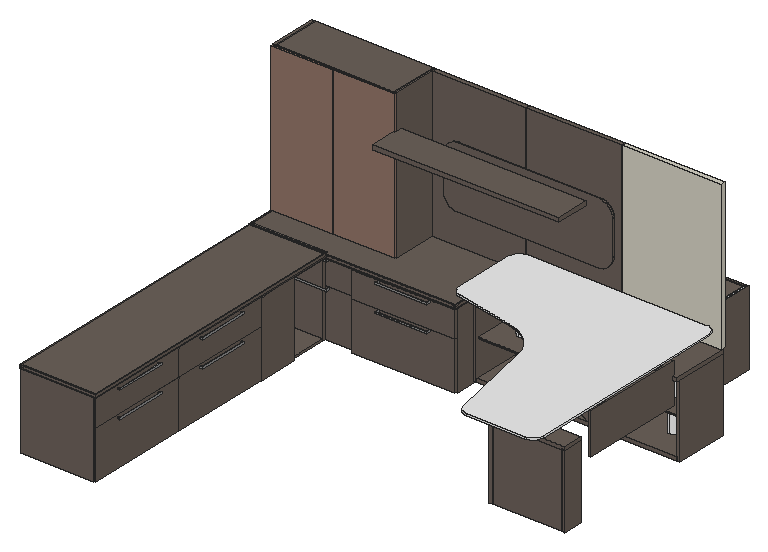
Revit family "OFS TYPICAL T100290", category Furniture, Revit 2022
Family settings
  OmniClass Number = 23.40.20.00
  OmniClass Title = General Furniture and Specialties
  Work Plane-Based = No
  Always vertical = Yes
  Cut with Voids When Loaded = No
  Render Appearance Source = Family Geometry
  Shared = No
  Room Calculation Point = No
Parameters (values of type "T100290")
  URL = "http://ofs.com/"
  Model = "T100290\r\nT100290\r\nT100290"
  Manufacturer = "OFS"
  Description = "OFS TYPICAL T100290"
  Default Elevation = 0' - 0"
  Copyright © = "©OFS 2024"
  Catalog = ""
  Authoring Version = "Autodesk Revit 2018"
  Assembly Code = "E2020200"
Reference planes (in)
  plane 1 "Center Front/Back": y = 0
  plane 2: z = 0
  plane 3 "Center Left/Right": x = 0
Dimensions and locks (in)
  nested 2 to nested 3 = 10' - 0"
  nested 6 to plane 1 "Center Front/Back" = 8' - 10"
  aligned and locked: level to plane 2
Nested families (in)
  nested 1: "STAKS SUPPORT BASE - PANEL - WALL PANEL" at (-48, -23.50035, 0), type "STAKS SUPPORT PANEL 21 X 12"
  nested 2: "STAKS WORKSURFACE CABINET WITH DOORS Two Doors - Tall" at (-69.05498, 1.08365, -5.25), type "STAKS WORKSURFACE CABINET WITH DOORS Two Doors 36in W - Tall"
    with Height Above Floor 5' - 11 1/2", 2D Symbol Lines yes
  nested 3: "OFS STAKS HEIGHT ADJUSTABLE SWEEP TOP DESK 68x60 Top 16D Cabinet" at (30, -11, 0), type "HA Sweep Top Desk 68x60 Right w 16 D Cabinet"
    with Worksurface Height 2' - 3", Right Column no, Right 4H4 yes, Leg Caps Material OFS STAKS Leg Caps Material, Left Column no, Left 4H4 no, H4H Height Adjustable Panel Base Option yes, Columns Finish OFS STAKS Columns Material, Chassis Finish OFS STAKS Drawer Front Material
  nested 4: "STAKS MODESTY PANEL - Veneer _ Wood Grain _ Frosted" at (56.87465, -34.38315, -0.375) x (0, -1, 0) z (0, 0, 1), type "STAKS MODESTY PANEL TFL WOOD GRAIN AND TFL SOLID COLORS 29.938-12"
  nested 5: "STAKS BENCHING RECTANGULAR WORKSURFACES" at (-67.55498, 0.83365, -5.75), type "STAKS BENCHING RECTANGULAR WORKSURFACE 60 X 22"
  nested 6: "STAKS BENCHING RECTANGULAR WORKSURFACES" at (-61.83365, -113.55498, -5.75) x (0, 1, 0) z (0, 0, 1), type "STAKS BENCHING RECTANGULAR WORKSURFACE 84 X 22"
  nested 7: "STAKS LOW HEIGHT OPEN PEDESTAL WITH SLIDING DOOR - NO RISER SUPPORT" at (-37.37465, -54.97711, 0) x (0, 1, 0) z (0, 0, 1), type "STAKS LOW HEIGHT OPEN PEDESTAL WITH SLIDING DOOR - NO RISER SUPPORT 24 x 19"
  nested 8: "STAKS LOW HEIGHT PEDESTAL WIDE - BOX-FILE - NO RISER SUPPORT" at (-39.87465, -81.97711, 0) x (0, 1, 0) z (0, 0, 1), type "STAKS LOW HEIGHT PEDESTAL WIDE - BOX-FILE - NO RISER SUPPORT 30in W x 22in D"
  nested 9: "STAKS LOW HEIGHT PEDESTAL WIDE - BOX-FILE - NO RISER SUPPORT" at (6.02289, 7.15468, 0), type "STAKS LOW HEIGHT PEDESTAL WIDE - BOX-FILE - NO RISER SUPPORT 36in W x 22in D"
  nested 10: "STAKS FABRIC TACKBOARD WITH ROUNDED CORNERS FOR SPINE OR DIVIDER WALL" at (-27.74248, 0.45865, 9), type "STAKS FABRIC TACKBOARD WITH ROUNDED CORNERS FOR SPINE OR DIVIDER WALL 18H x 49-73.9375W"
    with Height Above Floor 3' - 5 1/2"
  nested 11: "STAKS LOW HEIGHT PEDESTAL WIDE - BOX-FILE - NO RISER SUPPORT" at (-39.87465, -70.02289, 0) x (0, -1, 0) z (0, 0, 1), type "STAKS LOW HEIGHT PEDESTAL WIDE - BOX-FILE - NO RISER SUPPORT 30in W x 22in D"
  nested 12: "STAKS LOW HEIGHT PEDESTAL WIDE - BOX-FILE - NO RISER SUPPORT" at (5.97711, -21.12535, 0) x (-1, 0, 0) z (0, 0, 1), type "STAKS LOW HEIGHT PEDESTAL WIDE - BOX-FILE - NO RISER SUPPORT 30in W x 22in D"
  nested 13: "STAKS LOW HEIGHT PEDESTAL WIDE - BOX-FILE - NO RISER SUPPORT" at (-65.97711, -20.12535, 0), type "STAKS LOW HEIGHT PEDESTAL WIDE - BOX-FILE - NO RISER SUPPORT 30in W x 22in D"
  nested 14: "STAKS SUPPORT BASE - PANEL - WALL PANEL" at (-48, -44.24965, 0), type "STAKS SUPPORT PANEL 21 X 12"
  nested 15: "OFS STAKS Desk Height Media Panels - Laminate-Veneer" at (-10.426, 0, -5.875), type "Desk Height Media Panel 43H"
    with Width 2' - 3.14801", Total Width 2' - 3.14801", Plus Fraction 0' - 0"
  nested 16: "OFS STAKS Desk Height Media Panels - Laminate-Veneer" at (17.04275, 0, -5.875) x (-1, 0, 0) z (0, 0, 1), type "Desk Height Media Panel 43H"
    with Width 2' - 3.78949", Total Width 2' - 3.78949", Plus Fraction 0' - 0"
  nested 17: "OFS STAKS Desk Height Media Panels - Upholstered" at (45.46913, 0, -5.875), type "Desk Height Media Panel 43H"
    with Width 2' - 5.06174", Total Width 2' - 5.06174", Plus Fraction 0' - 0"
  nested 18: "STAKS TRANSACTION SHELF" at (19.5, -15.87535, 7.75), type "STAKS TRANSACTION SHELF 54in"
Definition of nested family "STAKS SUPPORT BASE - PANEL - WALL PANEL"
  Parameters (values of type "STAKS SUPPORT BASE 21 X 12")
    Width [instance] = 1' - 0"
    WALL SUPPORT = no
    URL = "http://www.ofs.com"
    SUPPORT PANEL = no
    SUPPORT BASE = yes
    Model = "6-2112SB"
    Manufacturer = "OFS"
    Height = 1' - 9 7/8"
    Description = "OFS STAKS SUPPORT BASE 21 X12, Base Supports 22\"D Worksurfaces"
    Depth = 1' - 0"
    Default Elevation = 0' - 0"
    Copyright © = "©OFS 2018"
    Catalog = "https://ofs.com/products/casegoods/private-office/staks"
    Authoring Version = "Autodesk Revit Architecture 2013"
    Assembly Code = "E2020200"
  Types (7): name | WALL SUPPORT | SUPPORT PANEL | SUPPORT BASE | Model | Height | Description | Depth
    STAKS SUPPORT PANEL 28 X 12 | no | yes | no | "6-2812SP" | 2' - 3 7/8" | "OFS STAKS SUPPORT PANEL 28 X 12, End Panel Supports 22\"D Worksurfaces" | 1' - 0"
    STAKS SUPPORT BASE 28 X 12 | no | no | yes | "6-2812SB" | 2' - 3 7/8" | "OFS STAKS SUPPORT BASE 28 X12, Base Supports 22\"D Worksurfaces" | 1' - 0"
    STAKS SUPPORT WALL PANEL 28 X 12 | yes | no | no | "6-2812SWPS" | 2' - 3 3/8" | "OFS STAKS SUPPORT WALL PANEL 28 X12, Provides Support for Worksurface in Conjunction with Cantilevers and Stabilizes Wall Panels" | 1' - 0"
    STAKS SUPPORT BASE 21 X 12 | no | no | yes | "6-2112SB" | 1' - 9 7/8" | "OFS STAKS SUPPORT BASE 21 X12, Base Supports 22\"D Worksurfaces" | 1' - 0"
    STAKS SUPPORT BASE 28 X 18 | no | no | yes | "6-2818SB" | 2' - 3 7/8" | "OFS STAKS SUPPORT BASE 28 X18, Base Supports 30\"D Worksurfaces" | 1' - 6"
    STAKS SUPPORT PANEL 21 X 12 | no | yes | no | "6-2112SP" | 1' - 9 7/8" | "OFS STAKS SUPPORT PANEL 21 X 12, End Panel Supports 22\"D Worksurfaces" | 1' - 0"
    STAKS SUPPORT PANEL 28 X 18 | no | yes | no | "6-2818SP" | 2' - 3 7/8" | "OFS STAKS SUPPORT PANEL 28 X 18, End Panel Supports 30\"D Worksurfaces" | 1' - 6"
  Reference planes (in)
    plane 1: z = 0
    plane 2 "Left": x = -12
    plane 3 "Back": y = 1.62535
    plane 4 "PANELL TOP": z = 21.875
    plane 5 "RIGHT": x = -11
    plane 6: y = -10.37465
    plane 7: y = 0.62535
    plane 8: x = -5.5
    plane 9: x = -17.5
  Forms (in)
    Extrusion 1, solid, visible <- "SUPPORT PANEL"
      sketch origin (-7.62535, -10.37465, -0.18015) x (1, 0, 0) y (0, 0, 1)
        loop
          line (-4.37465, 22.05515) -> (-4.37465, 0.18015) -> (-3.37465, 0.18015) -> (-3.37465, 22.05515) -> (-4.37465, 22.05515)
      from -12 to 0
    Extrusion 2, solid, visible <- "SUPPORT BASE"
      sketch origin (-5.5, 5, -0.18015) x (0, 1, 0) y (0, 0, 1)
        loop
          line (-4.37465, 22.05515) -> (-4.37465, 0.18015) -> (-3.37465, 0.18015) -> (-3.37465, 22.05515) -> (-4.37465, 22.05515)
      from -12 to 0
    Extrusion 3, solid, visible <- "SUPPORT BASE"
      sketch origin (3.37465, -10.37465, -0.18015) x (1, 0, 0) y (0, 0, 1)
        loop
          line (-15.37465, 22.05515) -> (-15.37465, 0.18015) -> (-14.37465, 0.18015) -> (-14.37465, 22.05515) -> (-15.37465, 22.05515)
      from -11 to 0
    Extrusion 4, solid, visible <- "WALL SUPPORT"
      sketch origin (-12, 0, 0) x (0, 1, 0) y (0, 0, 1)
        loop
          line (1.62535, 0) -> (1.62535, 20.375) -> (0.12535, 21.875) -> (-0.37465, 21.875) -> (-0.37465, 19.285) -> (-3.43765, 19.285) -> (-3.43765, 21.875) -> (-10.37465, 21.875) -> (-4.43765, 0) -> (1.62535, 0)
      from 0 to 1
  Lines and regions (in)
    Masking region 1, visible <- "SUPPORT PANEL"
      outline origin (-12.62535, -10.37465, 0) x (0, -1, 0) y (1, 0, 0)
        loop
          line (-12, 1.62535) -> (-12, 0.62535) -> (0, 0.62535) -> (0, 1.62535) -> (-12, 1.62535)
    Masking region 2, visible <- "SUPPORT BASE"
      outline origin (-5.5, 0, 0) x (1, 0, 0) y (0, 1, 0)
        loop
          line (-12, 1.62535) -> (-12, 0.62535) -> (0, 0.62535) -> (0, 1.62535) -> (-12, 1.62535)
    Masking region 3, visible <- "SUPPORT BASE"
      outline origin (-1.62535, -10.37465, 0) x (0, -1, 0) y (1, 0, 0)
        loop
          line (-11, -9.37465) -> (-11, -10.37465) -> (0, -10.37465) -> (0, -9.37465) -> (-11, -9.37465)
    Masking region 4, visible <- "WALL SUPPORT"
      outline origin (0, 0, 0) x (1, 0, 0) y (0, 1, 0)
        loop
          line (-11, 1.62535) -> (-12, 1.62535) -> (-12, -10.37465) -> (-11, -10.37465) -> (-11, 1.62535)
  Dimensions and locks (in)
    "Height": plane 4 "PANELL TOP" to plane 1
    locked: plane 2 "Left" to plane 5 "RIGHT" at 1
    "Depth": plane 6 to plane 3 "Back"
    locked: plane 7 to plane 3 "Back" at 1
    locked: plane 9 to plane 2 "Left" at 5.5
    locked: plane 5 "RIGHT" to plane 8 at 5.5
    "Width": plane 9 to plane 8
    aligned: Extrusion 1 to plane 2 "Left"
    aligned: Extrusion 1 to plane 1
    aligned and locked: level to plane 1
    aligned: Extrusion 1 to plane 4 "PANELL TOP"
    aligned: Extrusion 1 to plane 3 "Back"
    aligned and locked: plane 6 to Extrusion 1
    aligned and locked: plane 6 to Masking region 1
    aligned and locked: Extrusion 3 to plane 7
    aligned and locked: Masking region 3 to plane 7
    aligned and locked: plane 6 to Extrusion 3
    aligned and locked: plane 6 to Masking region 3
    aligned and locked: Extrusion 1 to plane 6  (x2)
    aligned and locked: plane 7 to Extrusion 2
    aligned and locked: plane 7 to Masking region 2
    aligned and locked: Masking region 2 to plane 3 "Back"
    aligned and locked: Extrusion 2 to plane 3 "Back"
    aligned and locked: Extrusion 1 to plane 3 "Back"
    aligned and locked: Masking region 1 to plane 3 "Back"
    aligned and locked: Extrusion 1 to plane 2 "Left"
    aligned and locked: plane 5 "RIGHT" to Extrusion 1
    aligned and locked: plane 8 to Masking region 2
    aligned and locked: plane 8 to Extrusion 2
    aligned and locked: Extrusion 2 to plane 9
    aligned and locked: Masking region 2 to plane 9
    aligned and locked: Extrusion 3 to plane 2 "Left"
    aligned and locked: plane 5 "RIGHT" to Extrusion 3
    aligned and locked: Masking region 3 to plane 2 "Left"
    aligned and locked: plane 5 "RIGHT" to Masking region 3
    aligned and locked: Extrusion 3 to plane 4 "PANELL TOP"
    aligned and locked: Extrusion 1 to plane 4 "PANELL TOP"
    aligned and locked: plane 4 "PANELL TOP" to Extrusion 2
    aligned and locked: plane 4 "PANELL TOP" to Extrusion 4 sketch curve
    aligned and locked: Extrusion 4 sketch curve to plane 4 "PANELL TOP"
    aligned and locked: Extrusion 4 sketch curve to plane 3 "Back"
    aligned and locked: Extrusion 4 sketch curve to plane 1
    aligned and locked: Extrusion 4 to plane 2 "Left"
    aligned and locked: plane 5 "RIGHT" to Extrusion 4
  Automatic sketch dimensions
    Extrusion 1 sketch curve to plane 2 "Left" = 0' - 0"
    Extrusion 1 sketch curve to level = 0' - 0"
    Extrusion 1 sketch curve to plane 5 "RIGHT" = 0' - 0"
    Extrusion 1 sketch curve to plane 4 "PANELL TOP" = 0' - 0"
    Masking region 1 sketch curve to plane 2 "Left" = 0' - 0"
    plane 3 "Back" to Masking region 1 sketch curve = 0' - 0"
    Masking region 1 sketch curve to plane 5 "RIGHT" = 0' - 0"
    plane 6 to Masking region 1 sketch curve = 0' - 0"
    Extrusion 2 sketch curve to plane 4 "PANELL TOP" = 0' - 0"
    Extrusion 2 sketch curve to plane 7 = 0' - 0"
    Extrusion 2 sketch curve to level = 0' - 0"
    Extrusion 2 sketch curve to plane 3 "Back" = 0' - 0"
    plane 7 to Masking region 2 sketch curve = 0' - 0"
    Masking region 2 sketch curve to plane 9 = 0' - 0"
    plane 3 "Back" to Masking region 2 sketch curve = 0' - 0"
    Masking region 2 sketch curve to plane 8 = 0' - 0"
    Extrusion 3 sketch curve to plane 2 "Left" = 0' - 0"
    Extrusion 3 sketch curve to level = 0' - 0"
    Extrusion 3 sketch curve to plane 5 "RIGHT" = 0' - 0"
    Extrusion 3 sketch curve to plane 4 "PANELL TOP" = 0' - 0"
    Masking region 3 sketch curve to plane 2 "Left" = 0' - 0"
    plane 7 to Masking region 3 sketch curve = 0' - 0"
    Masking region 3 sketch curve to plane 5 "RIGHT" = 0' - 0"
    plane 6 to Masking region 3 sketch curve = 0' - 0"
    Extrusion 4 sketch curve to plane 6 = 0' - 0"
    plane 7 to Extrusion 4 sketch curve = 0' - 1"
    Extrusion 4 sketch curve to plane 4 "PANELL TOP" = 0' - 2.59"
    plane 7 to Extrusion 4 sketch curve = 0' - 5.063"
    Extrusion 4 sketch curve to Extrusion 4 sketch curve = 0' - 3.063"
    Extrusion 4 sketch curve to Extrusion 4 sketch curve = 0' - 0 1/2"
    Extrusion 4 sketch curve to plane 4 "PANELL TOP" = 0' - 1 1/2"
    Masking region 4 sketch curve to plane 2 "Left" = 0' - 0"
    Masking region 4 sketch curve to plane 5 "RIGHT" = 0' - 0"
    plane 6 to Masking region 4 sketch curve = 0' - 0"
    plane 3 "Back" to Masking region 4 sketch curve = 0' - 0"
Definition of nested family "STAKS WORKSURFACE CABINET WITH DOORS Two Doors - Tall"
  Parameters (values of type "STAKS WORKSURFACE CABINET WITH DOORS Two Doors 30in W - Tall")
    URL = "http://www.ofs.com/"
    Height Above Floor [instance] = 5' - 11 1/2"
    Height = 3' - 7"
    Front Doors Material = none
    Default Elevation = 0' - 0"
    Back Material = none
    Depth = 1' - 3"
    Model = "6-3043WSC"
    Manufacturer = "OFS"
    Description = "OFS STAKS WORKSURFACE CABINET WITH DOORS Two Hinged Doors 30\" Width, 43\" Height, One Door per Side"
    Width = 2' - 6"
    Copyright © = "© 2018 OFS"
    Catalog = "https://ofs.com/products/casegoods/private-office/staks"
    Board Material = none
    Board Thickness = 0' - 0 3/4"
    Authoring Version = "Autodesk Revit Architecture 2013"
    Assembly Code = "E2020200"
    2D Symbol Lines [instance] = yes
  Types (2): name | Model | Description | Width
    STAKS WORKSURFACE CABINET WITH DOORS Two Doors 36in W - Tall | "6-3643WSC" | "OFS STAKS WORKSURFACE CABINET WITH DOORS Two Hinged Doors 36\" Width, 43\" Height, One Door per Side" | 3' - 0"
    STAKS WORKSURFACE CABINET WITH DOORS Two Doors 30in W - Tall | "6-3043WSC" | "OFS STAKS WORKSURFACE CABINET WITH DOORS Two Hinged Doors 30\" Width, 43\" Height, One Door per Side" | 2' - 6"
  Reference planes (in)
    plane 1: z = -0.125
    plane 2 "LEFT": x = 12.05498
    plane 3 "RIGHT": x = 42.05498
    plane 4 "BACK": y = -1.83365
    plane 5 "FRONT": y = -15.33365
    plane 6: x = 12.80498
    plane 7: x = 41.30498
    plane 8: z = 28.375
    plane 9 "SURFACE TOP": z = 71.375
    plane 10: z = 29.125
    plane 11: x = 27.05498
    plane 12: z = 70.625
    plane 13: y = -8.58365
    plane 14: y = -8.20865
    plane 15: y = -8.95865
    plane 16: x = 27.42998
    plane 17: x = 26.67998
    plane 18: y = -1.08365
    plane 19: y = -16.08365
    plane 20: x = 41.99248
    plane 21: x = 12.11748
    plane 22: x = 27.08623
    plane 23: x = 27.02373
    plane 24: z = 28.625
    plane 25: z = 71.3125
  Forms (in)
    Extrusion 1, solid, material <- "Board Material"
      sketch origin (0, 0, 71.375) x (0, 1, 0) y (-1, 0, 0)
        loop
          line (-1.83365, -12.80498) -> (-15.33365, -12.80498) -> (-15.33365, -41.30498) -> (-1.83365, -41.30498) -> (-1.83365, -12.80498)
      from -42.25 to -43
    Extrusion 2, solid, material <- "Board Material"
      sketch origin (0, 0, 71.375) x (0, 1, 0) y (-1, 0, 0)
        loop
          line (-1.08365, -12.80498) -> (-1.08365, -12.05498) -> (-15.33365, -12.05498) -> (-15.33365, -12.80498) -> (-1.08365, -12.80498)
        loop
          line (-1.08365, -42.05498) -> (-1.08365, -41.30498) -> (-15.33365, -41.30498) -> (-15.33365, -42.05498) -> (-1.08365, -42.05498)
      from 0 to -43
    Extrusion 3, solid, material <- "Board Material"
      sketch origin (0, 0, 27.375) x (0, 1, 0) y (-1, 0, 0)
        loop
          line (-1.08365, -12.80498) -> (-15.33365, -12.80498) -> (-15.33365, -41.30498) -> (-1.08365, -41.30498) -> (-1.08365, -12.80498)
      from 44 to 43.25
    Extrusion 4, solid, material <- "Back Material"
      sketch origin (30.99601, 21.63396, 71.375) x (0, 1, 0) y (-1, 0, 0)
        loop
          line (-22.71762, 18.19103) -> (-23.46762, 18.19103) -> (-23.46762, -10.30897) -> (-22.71762, -10.30897) -> (-22.71762, 18.19103)
      from -0.75 to -43
    Extrusion 5, solid, material <- "Front Doors Material"
      sketch origin (15.4691, -10.89295, 71.375) x (0, 1, 0) y (-1, 0, 0)
        loop
          line (-4.4407, -11.61714) -> (-5.1907, -11.61714) -> (-5.1907, -26.52339) -> (-4.4407, -26.52339) -> (-4.4407, -11.61714)
      from -0.0625 to -42.75
    Extrusion 6, solid, material <- "Front Doors Material"
      sketch origin (38.64087, -10.89295, 71.375) x (0, 1, 0) y (-1, 0, 0)
        loop
          line (-4.4407, 11.61714) -> (-4.4407, 26.52339) -> (-5.1907, 26.52339) -> (-5.1907, 11.61714) -> (-4.4407, 11.61714)
      from -0.0625 to -42.75
  Lines and regions (in)
    symbolic lines, visible <- "2D Symbol Lines"
      curve 1: arc (27.50365, -16.08365, 71.375) -> (27.71823, -18.56803, 71.375) -> (28.35563, -20.97882, 71.375) r 14.48883
      curve 2: line (28.35563, -20.97882, 71.375) -> (41.99248, -16.08365, 71.375)
      curve 3: arc (26.60632, -16.08365, 71.375) -> (26.39173, -18.56803, 71.375) -> (25.75433, -20.97882, 71.375) r 14.48883
      curve 4: line (25.75433, -20.97882, 71.375) -> (12.11748, -16.08365, 71.375)
  Dimensions and locks (in)
    "Width": plane 2 "LEFT" to plane 3 "RIGHT"
    "Height": plane 9 "SURFACE TOP" to plane 8
    "Board Thickness": plane 2 "LEFT" to plane 6
    "Board Thickness": plane 7 to plane 3 "RIGHT"
    "Height Above Floor": plane 9 "SURFACE TOP" to level
    "Board Thickness": plane 10 to plane 8
    equal spacing: plane 2 "LEFT", plane 11, plane 3 "RIGHT"
    "Board Thickness": plane 9 "SURFACE TOP" to plane 12
    equal spacing: plane 4 "BACK", plane 13, plane 5 "FRONT"
    equal spacing: plane 14, plane 13, plane 15
    "Board Thickness": plane 14 to plane 15
    equal spacing: plane 17, plane 11, plane 16
    "Board Thickness": plane 17 to plane 16
    "Depth": plane 18 to plane 19
    "Board Thickness": plane 18 to plane 4 "BACK"
    "Board Thickness": plane 5 "FRONT" to plane 19
    locked: plane 20 to plane 3 "RIGHT" at 0.0625
    locked: plane 2 "LEFT" to plane 21 at 0.0625
    plane 23 to plane 11 to plane 22 = 0' - 0 1/32" locked, 0' - 0 1/32" locked
    locked: plane 24 to plane 8 at 0.25
    locked: plane 9 "SURFACE TOP" to plane 25 at 0.0625
    aligned: level to plane 1
    aligned and locked: Extrusion 1 sketch curve to plane 4 "BACK"
    aligned and locked: plane 6 to Extrusion 1 sketch curve
    aligned and locked: plane 5 "FRONT" to Extrusion 1 sketch curve
    aligned and locked: Extrusion 1 sketch curve to plane 7
    aligned and locked: Extrusion 1 to plane 8
    aligned and locked: plane 10 to Extrusion 1
    aligned and locked: Extrusion 2 sketch curve to Extrusion 1  (x2)
    aligned and locked: Extrusion 2 sketch curve to plane 5 "FRONT"
    aligned and locked: Extrusion 2 sketch curve to plane 2 "LEFT"
    aligned and locked: plane 3 "RIGHT" to Extrusion 2 sketch curve
    aligned and locked: Extrusion 1 to Extrusion 2 sketch curve
    aligned and locked: plane 9 "SURFACE TOP" to Extrusion 3
    aligned and locked: Extrusion 3 to plane 12
    aligned and locked: Extrusion 3 to plane 5 "FRONT"
    aligned and locked: Extrusion 3 to plane 6
    aligned and locked: plane 7 to Extrusion 3
    aligned and locked: Extrusion 4 to plane 4 "BACK"
    aligned and locked: plane 18 to Extrusion 4
    aligned and locked: plane 5 "FRONT" to Extrusion 5
    aligned and locked: Extrusion 5 to plane 19
    aligned and locked: Extrusion 5 to plane 22
    aligned and locked: plane 5 "FRONT" to Extrusion 6
    aligned and locked: Extrusion 6 to plane 19
    aligned and locked: Extrusion 6 to plane 23
    aligned and locked: Extrusion 2 to plane 18  (x2)
    aligned and locked: Extrusion 3 to plane 18
    aligned and locked: plane 12 to Extrusion 4
    aligned and locked: Extrusion 6 to plane 24
    aligned and locked: Extrusion 5 to plane 24
    aligned and locked: Extrusion 4 to plane 6
    aligned and locked: plane 7 to Extrusion 4
    aligned and locked: Extrusion 4 to plane 8
    aligned and locked: Extrusion 6 to plane 21
    aligned and locked: plane 20 to Extrusion 5
    aligned and locked: plane 25 to Extrusion 6
    aligned and locked: plane 25 to Extrusion 5
    aligned and locked: Extrusion 2 to plane 8
  Automatic sketch dimensions
    Extrusion 3 sketch curve to plane 5 "FRONT" = 0' - 0"
    plane 4 "BACK" to Extrusion 3 sketch curve = 0' - 0 3/4"
    Extrusion 3 sketch curve to plane 7 = 0' - 0"
    Extrusion 3 sketch curve to plane 6 = 0' - 0"
    plane 2 "LEFT" to Extrusion 4 sketch curve = 0' - 0 3/4"
    Extrusion 4 sketch curve to plane 4 "BACK" = 0' - 0"
    Extrusion 4 sketch curve to plane 18 = 0' - 0"
    Extrusion 4 sketch curve to plane 3 "RIGHT" = 0' - 0 3/4"
    Extrusion 5 sketch curve to plane 19 = 0' - 0"
    Extrusion 5 sketch curve to plane 5 "FRONT" = 0' - 0"
    Extrusion 5 sketch curve to plane 3 "RIGHT" = 0' - 0 1/16"
    Extrusion 5 sketch curve to plane 22 = 0' - 0"
    plane 16 to curve 2 = 0' - 0.92565"
    curve 2 to plane 19 = 0' - 4.89516"
    plane 17 to curve 4 = 0' - 0.92565"
    curve 3 to plane 19 = 0' - 0"
    curve 2 to plane 19 = 0' - 0"
    curve 1 to plane 19 = 0' - 0"
    curve 4 to plane 19 = 0' - 0"
    curve 2 to plane 20 = 0' - 0"
    curve 1 to plane 20 = 0' - 0"
    curve 3 to plane 21 = 0' - 0"
    curve 4 to plane 21 = 0' - 0"
    curve 4 to curve 2 = 0' - 0"
    plane 19 to Extrusion 6 sketch curve = 0' - 0"
    Extrusion 6 sketch curve to plane 5 "FRONT" = 0' - 0"
    Extrusion 6 sketch curve to plane 2 "LEFT" = 0' - 0 1/16"
    Extrusion 6 sketch curve to plane 23 = 0' - 0"
    plane 4 "BACK" to Extrusion 2 sketch curve = 0' - 0 3/4"  (x2)
Definition of nested family "OFS STAKS HEIGHT ADJUSTABLE SWEEP TOP DESK 68x60 Top 16D Cabinet"
  Parameters (values of type "HA Sweep Top Desk 68x60 Left w 16 D Cabinet")
    Worksurface Finish = none
    Width = 5' - 0"
    URL = "https://ofs.com/"
    Shelves Finish = none
    Right Column [instance] = and(Right, not(H4H Height Adjustable Panel Base Option))  # no
    Right 4H4 [instance] = and(Right, H4H Height Adjustable Panel Base Option)  # no
    Right = no
    Leg Caps Material [instance] = none
    Left Column [instance] = and(Left, not(H4H Height Adjustable Panel Base Option))  # no
    Left 4H4 [instance] = and(Left, H4H Height Adjustable Panel Base Option)  # yes
    Left = yes
    H4H Height Adjustable Panel Base Option [instance] = yes
    Depth = 5' - 8"
    Model = "6-6860HASWTLS"
    Manufacturer = "OFS"
    Height = 0' - 1 3/16"
    Description = "OFS STAKS HEIGHT ADJUSTABLE SWEEP TOP DESK Left Sided, 60\"W x 16.5\"D Low Height Cabinet, 66\"W x 58\"D Worksurface"
    Default Elevation = 0' - 0"
    Copyright © = "©OFS 2021"
    Columns Finish [instance] = none
    Chassis Finish [instance] = none
    Catalog = "https://ofs.com/products/casegoods/private-office/staks"
    Worksurface Height [instance] = 2' - 3"
    Cabinet Storage Approach = none
    Authoring Version = "Autodesk Revit Architecture 2015"
    Assembly Code = "E2020200"
  Types (3): name | Right 4H4 | Right | Left 4H4 | Left | Model | Description
    (no name) | no | no | yes | yes | "6-6860HASWTLS" | "OFS STAKS HEIGHT ADJUSTABLE SWEEP TOP DESK Left Sided, 60\"W x 16.5\"D Low Height Cabinet, 66\"W x 58\"D Worksurface"
    HA Sweep Top Desk 68x60 Left w 16 D Cabinet | no | no | yes | yes | "6-6860HASWTLS" | "OFS STAKS HEIGHT ADJUSTABLE SWEEP TOP DESK Left Sided, 60\"W x 16.5\"D Low Height Cabinet, 66\"W x 58\"D Worksurface"
    HA Sweep Top Desk 68x60 Right w 16 D Cabinet | yes | yes | no | no | "6-6860HASWTRS" | "OFS STAKS HEIGHT ADJUSTABLE SWEEP TOP DESK Right Sided, 60\"W x 16.5\"D Low Height Cabinet, 66\"W x 58\"D Worksurface"
  Reference planes (in)
    plane 1 "Back End": y = 10
    plane 2: z = 0
    plane 3 "Center Left/Right": x = 0
    plane 4 "Left End": x = -30
    plane 5 "Front End": y = -58
    plane 6 "Right End": x = 30
    plane 7 "Height Top": z = 28.1875
    plane 8: z = 27
    plane 9 "Center Front/Back": y = -24
    plane 10: z = 24.625
    plane 11: z = 22.25
    plane 12: z = 26.875
  Forms (in)
    Extrusion 1, solid, material <- "Columns Finish", visible <- "Right"
      sketch origin (-24, -22.75, 0) x (0, 1, 0) y (-1, 0, 0)
        loop
          circle (-21.4997, -43.08789) r 1.125
      from 24.625 to 26.875
    Extrusion 2, solid, material <- "Columns Finish", visible <- "Right"
      sketch origin (-24, -22.75, 0) x (0, 1, 0) y (-1, 0, 0)
        loop
          circle (-21.4997, -43.08789) r 1.25
      from 22.25 to 24.625
    Extrusion 3, solid, material <- "Columns Finish", visible <- "Right Column"
      sketch origin (-24, -22.75, 0) x (0, 1, 0) y (-1, 0, 0)
        loop
          circle (-21.4997, -43.08789) r 1.375
      from 0 to 22.25
    Extrusion 4, solid, material <- "Columns Finish"
      sketch origin (-24, -22.75, 0) x (0, 1, 0) y (-1, 0, 0)
        loop
          line (21, -44) -> (21, -50) -> (27, -50) -> (27, -44) -> (21, -44)
        loop
          line (21, -4) -> (27, -4) -> (27, 2) -> (21, 2) -> (21, -4)
      from 26.875 to 27
    Extrusion 5, solid, material <- "Columns Finish"
      sketch origin (-21.08789, 23.75266, 0) x (0, 1, 0) y (-1, 0, 0)
        loop
          circle (-21.4997, -43.08789) r 1.125
      from 24.625 to 26.875
    Extrusion 6, solid, material <- "Columns Finish"
      sketch origin (-21.08789, 23.75266, 0) x (0, 1, 0) y (-1, 0, 0)
        loop
          circle (-21.4997, -43.08789) r 1.25
      from 22.25 to 24.625
    Extrusion 7, solid, material <- "Columns Finish"
      sketch origin (-21.08789, 23.75266, 0) x (0, 1, 0) y (-1, 0, 0)
        loop
          circle (-21.4997, -43.08789) r 1.375
      from 2.375 to 22.25
    Extrusion 8, solid, material <- "Columns Finish"
      sketch origin (-53.08789, 23.75266, 0) x (0, 1, 0) y (-1, 0, 0)
        loop
          circle (-21.4997, -31.08789) r 1.125
      from 24.625 to 26.875
    Extrusion 9, solid, material <- "Columns Finish"
      sketch origin (-53.08789, 23.75266, 0) x (0, 1, 0) y (-1, 0, 0)
        loop
          circle (-21.4997, -31.08789) r 1.25
      from 22.25 to 24.625
    Extrusion 10, solid, material <- "Columns Finish"
      sketch origin (-53.08789, 23.75266, 0) x (0, 1, 0) y (-1, 0, 0)
        loop
          circle (-21.4997, -31.08789) r 1.375
      from 2.375 to 22.25
    Extrusion 11, solid, material <- "Columns Finish", visible <- "Right"
      sketch origin (-24, -22.75, 0) x (0, 1, 0) y (-1, 0, 0)
        loop
          line (-23.4997, -40.08789) -> (-23.4997, -46.08789) -> (-17.4997, -46.08789) -> (-17.4997, -40.08789) -> (-23.4997, -40.08789)
      from 26.875 to 27
    Extrusion 12, solid, material <- "Columns Finish", visible <- "Left"
      sketch origin (24, -22.75, 0) x (0, 1, 0) y (-1, 0, 0)
        loop
          circle (-21.4997, 43.08789) r 1.125
      from 24.625 to 26.875
    Extrusion 13, solid, material <- "Columns Finish", visible <- "Left"
      sketch origin (24, -22.75, 0) x (0, 1, 0) y (-1, 0, 0)
        loop
          circle (-21.4997, 43.08789) r 1.25
      from 22.25 to 24.625
    Extrusion 14, solid, material <- "Columns Finish", visible <- "Left Column"
      sketch origin (24, -22.75, 0) x (0, 1, 0) y (-1, 0, 0)
        loop
          circle (-21.4997, 43.08789) r 1.375
      from 0 to 22.25
    Extrusion 15, solid, material <- "Columns Finish", visible <- "Left"
      sketch origin (24, -22.75, 0) x (0, 1, 0) y (-1, 0, 0)
        loop
          line (-23.4997, 40.08789) -> (-17.4997, 40.08789) -> (-17.4997, 46.08789) -> (-23.4997, 46.08789) -> (-23.4997, 40.08789)
      from 26.875 to 27
  Dimensions and locks (in)
    "Height": plane 7 "Height Top" to plane 8
    "Worksurface Height": plane 8 to level
    "Depth": plane 5 "Front End" to plane 1 "Back End"
    equal spacing: plane 4 "Left End", plane 3 "Center Left/Right", plane 6 "Right End"
    "Width": plane 4 "Left End" to plane 6 "Right End"
    equal spacing: plane 5 "Front End", plane 9 "Center Front/Back", plane 1 "Back End"
    locked: plane 11 to level at 22.25
    equal spacing: plane 8, plane 10, plane 11
    locked: plane 8 to plane 12 at 0.125
    aligned and locked: level to plane 2
    aligned and locked: plane 7 "Height Top" to nested 3
    aligned and locked: plane 7 "Height Top" to nested 2
    aligned and locked: plane 8 to Extrusion 15
    aligned and locked: Extrusion 4 to plane 8
    aligned and locked: Extrusion 11 to plane 8
    aligned and locked: plane 12 to Extrusion 11
    aligned and locked: Extrusion 4 to plane 12
    aligned and locked: Extrusion 15 to plane 12
    aligned and locked: plane 12 to Extrusion 12
    aligned and locked: plane 12 to Extrusion 8
    aligned and locked: Extrusion 1 to plane 12
    aligned and locked: Extrusion 5 to plane 12
    aligned and locked: Extrusion 2 to plane 10
    aligned and locked: plane 10 to Extrusion 1
    aligned and locked: Extrusion 6 to plane 10
    aligned and locked: plane 10 to Extrusion 5
    aligned and locked: plane 10 to Extrusion 13
    aligned and locked: Extrusion 12 to plane 10
    aligned and locked: plane 10 to Extrusion 9
    aligned and locked: Extrusion 8 to plane 10
  Automatic sketch dimensions
    plane 5 "Front End" to Extrusion 1 sketch curve = 1' - 1.7503"
    plane 6 "Right End" to Extrusion 1 sketch curve = 0' - 10.91211"
    Extrusion 2 sketch curve to Extrusion 2 sketch curve = 0' - 0"  (x2)
    plane 5 "Front End" to Extrusion 2 sketch curve = 1' - 1.7503"
    plane 6 "Right End" to Extrusion 2 sketch curve = 0' - 10.91211"
    Extrusion 2 sketch curve to Extrusion 2 sketch curve = 0' - 1 1/4"
    Extrusion 3 sketch curve to Extrusion 3 sketch curve = 0' - 0"  (x2)
    plane 5 "Front End" to Extrusion 3 sketch curve = 1' - 1.7503"
    plane 6 "Right End" to Extrusion 3 sketch curve = 0' - 10.91211"
    Extrusion 3 sketch curve to Extrusion 3 sketch curve = 0' - 1 3/8"
    plane 1 "Back End" to Extrusion 4 sketch curve = 0' - 11 3/4"  (x2)
    plane 4 "Left End" to Extrusion 4 sketch curve = 0' - 4"
    plane 1 "Back End" to Extrusion 4 sketch curve = 0' - 5 3/4"  (x2)
    Extrusion 4 sketch curve to Extrusion 4 sketch curve = 0' - 6"
    plane 6 "Right End" to Extrusion 4 sketch curve = 0' - 10"
    plane 6 "Right End" to Extrusion 4 sketch curve = 0' - 4"
    plane 1 "Back End" to Extrusion 5 sketch curve = 0' - 7.74705"
    plane 6 "Right End" to Extrusion 5 sketch curve = 0' - 8"
    Extrusion 6 sketch curve to Extrusion 6 sketch curve = 0' - 0"  (x2)
    plane 1 "Back End" to Extrusion 6 sketch curve = 0' - 7.74705"
    plane 6 "Right End" to Extrusion 6 sketch curve = 0' - 8"
    Extrusion 6 sketch curve to Extrusion 6 sketch curve = 0' - 1 1/4"
    Extrusion 7 sketch curve to Extrusion 7 sketch curve = 0' - 0"  (x2)
    plane 1 "Back End" to Extrusion 7 sketch curve = 0' - 7.74705"
    plane 6 "Right End" to Extrusion 7 sketch curve = 0' - 8"
    Extrusion 7 sketch curve to Extrusion 7 sketch curve = 0' - 1 3/8"
    plane 1 "Back End" to Extrusion 8 sketch curve = 0' - 7.74705"
    plane 4 "Left End" to Extrusion 8 sketch curve = 0' - 8"
    Extrusion 9 sketch curve to Extrusion 9 sketch curve = 0' - 0"  (x2)
    plane 1 "Back End" to Extrusion 9 sketch curve = 0' - 7.74705"
    plane 4 "Left End" to Extrusion 9 sketch curve = 0' - 8"
    Extrusion 9 sketch curve to Extrusion 9 sketch curve = 0' - 1 1/4"
    Extrusion 10 sketch curve to Extrusion 10 sketch curve = 0' - 0"  (x2)
    plane 1 "Back End" to Extrusion 10 sketch curve = 0' - 7.74705"
    plane 4 "Left End" to Extrusion 10 sketch curve = 0' - 8"
    Extrusion 10 sketch curve to Extrusion 10 sketch curve = 0' - 1 3/8"
    plane 5 "Front End" to Extrusion 11 sketch curve = 0' - 11.7503"
    Extrusion 11 sketch curve to Extrusion 11 sketch curve = 0' - 6"  (x2)
    plane 6 "Right End" to Extrusion 11 sketch curve = 0' - 7.91211"
    Extrusion 12 sketch curve to plane 5 "Front End" = 1' - 1.7503"
    Extrusion 12 sketch curve to plane 4 "Left End" = 0' - 10.91211"
    Extrusion 13 sketch curve to Extrusion 13 sketch curve = 0' - 0"  (x2)
    Extrusion 13 sketch curve to plane 5 "Front End" = 1' - 1.7503"
    Extrusion 13 sketch curve to plane 4 "Left End" = 0' - 10.91211"
    Extrusion 13 sketch curve to Extrusion 13 sketch curve = 0' - 1 1/4"
    Extrusion 14 sketch curve to Extrusion 14 sketch curve = 0' - 0"  (x2)
    Extrusion 14 sketch curve to plane 5 "Front End" = 1' - 1.7503"
    Extrusion 14 sketch curve to plane 4 "Left End" = 0' - 10.91211"
    Extrusion 14 sketch curve to Extrusion 14 sketch curve = 0' - 1 3/8"
    Extrusion 15 sketch curve to plane 5 "Front End" = 0' - 11.7503"
    Extrusion 15 sketch curve to Extrusion 15 sketch curve = 0' - 6"  (x2)
    Extrusion 15 sketch curve to plane 4 "Left End" = 0' - 7.91211"
    radius of Extrusion 1 sketch curve = 0' - 1 1/8"
    radius of Extrusion 5 sketch curve = 0' - 1 1/8"
    radius of Extrusion 8 sketch curve = 0' - 1 1/8"
    radius of Extrusion 12 sketch curve = 0' - 1 1/8"
  Nested families (in)
    nested 1: "Aptos Modular Low Height Cabinets" at (0, 10, 0), Chassis Finish <- "Chassis Finish", Leg Caps Material <- "Leg Caps Material", Column Finish <- "Columns Finish", Worksurface Approach Finish <- "Worksurface Finish", Shelf Finish <- "Shelves Finish", Cabinet Storage Approach Finish <- "Cabinet Storage Approach", type "APTOS HEIGHT ADJUSTABLE SWEEP TOP DESK"
      with Worksurface Approach Finish none, Shelf Finish none, Leg Caps Material none, Column Finish none, Chassis Finish none, Cabinet Storage Approach Finish none, Width 5' - 0", Depth 1' - 4 1/2"
    nested 2: "APTOS SWEEP ELEVATED RUNOFF WORKSURFACE RIGHT - WOOD TOP for 18D Cabinets" at (-24, -23.7503, -1.3125) x (0, 1, 0) z (0, 0, 1), visible <- "Right", type "APTOS SWEEP ELEVATED RUNOFF WORKSURFACE 66" x 52" RIGHT OPEN END - WOOD TOP"
      with Depth 4' - 4", 34-6658SWTERC yes, 34-6646SWTERC no
    nested 3: "APTOS SWEEP ELEVATED RUNOFF WORKSURFACE LEFT - WOOD TOP for 18D Cabinets" at (24, -23.7503, -1.3125) x (0, -1, 0) z (0, 0, 1), visible <- "Left", type "APTOS SWEEP ELEVATED RUNOFF WORKSURFACE 66" x 52" LEFT OPEN END - WOOD TOP"
      with Depth 4' - 4", 34-6658SWTEL yes, 34-6646SWTEL no
    nested 4: "H4H" at (-19, -47.25, 0) x (-1, 0, 0) z (0, 0, 1), visible <- "Left 4H4", Column Material <- "Columns Finish", Board Material <- "Chassis Finish", Leg Caps Material <- "Leg Caps Material", type "H4H"
      with Leg Caps Material none, Column Material none, Board Material none
    nested 5: "H4H" at (19, -47.25, 0), visible <- "Right 4H4", Column Material <- "Columns Finish", Board Material <- "Chassis Finish", Leg Caps Material <- "Leg Caps Material", type "H4H"
      with Leg Caps Material none, Column Material none, Board Material none
  Definition of nested family "Aptos Modular Low Height Cabinets"
    Parameters (values of type "APTOS HEIGHT ADJUSTABLE SWEEP TOP DESK")
      Width = 4' - 6"
      URL = "http://ofsbrands.com"
      Top Board, Back Offset = 0' - 0"
      Shelf Finish [instance] = none
      Shelf Height = 0' - 10 9/16"
      Default Elevation = 0' - 0"
      Cabinet Storage Approach Finish [instance] = none
      Drawer Width = 1' - 2 3/4"
      Drawer Gap = 0' - 0 7/8"
      Worksurface Approach Finish [instance] = none
      Column Finish [instance] = none
      Box Width = 1' - 10 3/4"
      Bottom Drawer Height = 1' - 0"
      Board Thick Door = 0' - 1"
      Depth = 1' - 10"
      Chassis Finish [instance] = none
      Model = ""
      Manufacturer = "OFS"
      Leg Caps Material [instance] = none
      Leg Offset = 0' - 2"
      Board Thick Internal = 0' - 0 3/4"
      Height = 1' - 10 7/8"
      Description = "OFS BRANDS OFS APTOS"
      Copyright © = "© OFS BRANDS 2017"
      Catalog = "APTOS http://ofsbrands.com/products/casegoods/private-office/aptos"
      Bottom Board Offset = 0' - 0 1/2"
      Board Thick Top and Bot = 0' - 1"
      Board Thick Shelfs = 0' - 0 3/4"
      Board Thick Sides = 0' - 0 3/4"
      Board Thick Front = 0' - 0 3/4"
      Board Thick Back = 0' - 0 3/4"
      Authoring Version = "Autodesk Revit Architecture 2013"
      Assembly Code = "E2020200"
    Reference planes (in)
      plane 1 "Center Front/Back": y = 0
      plane 2: z = 0
      plane 3 "Center Left/Right": x = 0
      plane 4 "Left End": x = -27
      plane 5 "Front End": y = -21
      plane 6 "Right End": x = 27
      plane 7 "Back End": y = 0
      plane 8 "Height Top": z = 22.875
      plane 9: x = -26.25
      plane 10: x = 26.25
      plane 11: z = 11.3125
      plane 12: z = 12.0625
      plane 13: z = 21.875
      plane 14: z = 0.5
      plane 15: z = 1.5
      plane 16: y = -20.25
      plane 17: y = -2
      plane 18: y = -2
      plane 19: y = -19
      plane 20: y = -19
      plane 21: x = -25
      plane 22: x = 25
      plane 23: x = 25
      plane 24: x = -25
      plane 25: x = -12.125
      plane 26: x = -11.375
      plane 27: y = -22
      plane 28: y = -0.75
      plane 29: x = 12.125
      plane 30: x = 11.375
      plane 31: y = 0
      plane 32: y = -2.75
    Forms (in)
      Extrusion 1, solid, material <- "Chassis Finish"
        sketch origin (0, 0, 0) x (1, 0, 0) y (0, 1, 0)
          loop
            line (-27, 0) -> (-27, -21) -> (-26.25, -21) -> (-26.25, 0) -> (-27, 0)
        from 0.5 to 21.875
      Extrusion 2, solid, material <- "Chassis Finish"
        sketch origin (0, 0, 0) x (-1, 0, 0) y (0, -1, 0)
          loop
            line (-27, 0) -> (-26.25, 0) -> (-26.25, 21) -> (-27, 21) -> (-27, 0)
        from 0.5 to 21.875
      Extrusion 3, solid, material <- "Chassis Finish"
        sketch origin (0, 0, 0) x (1, 0, 0) y (0, 1, 0)
          loop
            line (-26.25, 0) -> (-26.25, -21) -> (26.25, -21) -> (26.25, 0) -> (-26.25, 0)
        from 0.5 to 1.5
      Extrusion 4, solid, material <- "Chassis Finish"
        sketch origin (0, 0, 0) x (1, 0, 0) y (0, 1, 0)
          loop
            line (-27, 0) -> (-27, -22) -> (27, -22) -> (27, 0) -> (-27, 0)
        from 21.875 to 22.875
      Revolve 5, solid, material <- "Leg Caps Material"
        sketch origin (0, -2, 0) x (-1, 0, 0) y (0, 0, 1)
          loop
            line (24, 0.28743) -> (24.5, 0.28743)
            arc (24.5, 0.28743) -> (24.35629, 0.14371) -> (24.5, 0) r 0.14371
            line (24.5, 0) -> (25, 0) -> (25, 0.5) -> (24, 0.5) -> (24, 0.28743)
          axis (25, 0.5) -> (25, 0)
        angle from 0 to 360
      Revolve 6, solid, material <- "Leg Caps Material"
        sketch origin (0, -2, 0) x (1, 0, 0) y (0, 0, -1)
          loop
            line (24, -0.28743) -> (24, -0.5) -> (25, -0.5) -> (25, 0) -> (24.5, 0)
            arc (24.5, 0) -> (24.35629, -0.14371) -> (24.5, -0.28743) r 0.14371
            line (24.5, -0.28743) -> (24, -0.28743)
          axis (25, -0.5) -> (25, 0)
        angle from 0 to 360
      Revolve 7, solid, material <- "Leg Caps Material"
        sketch origin (0, -19, 0) x (-1, 0, 0) y (0, 0, -1)
          loop
            line (24, -0.28743) -> (24, -0.5) -> (25, -0.5) -> (25, 0) -> (24.5, 0)
            arc (24.5, 0) -> (24.35629, -0.14371) -> (24.5, -0.28743) r 0.14371
            line (24.5, -0.28743) -> (24, -0.28743)
          axis (25, -0.5) -> (25, 0)
        angle from 0 to 360
      Revolve 8, solid, material <- "Leg Caps Material"
        sketch origin (0, -19, 0) x (1, 0, 0) y (0, 0, 1)
          loop
            line (24, 0.28743) -> (24.5, 0.28743)
            arc (24.5, 0.28743) -> (24.35629, 0.14371) -> (24.5, 0) r 0.14371
            line (24.5, 0) -> (25, 0) -> (25, 0.5) -> (24, 0.5) -> (24, 0.28743)
          axis (25, 0.5) -> (25, 0)
        angle from 0 to 360
      Extrusion 9, solid, material <- "Chassis Finish"
        sketch origin (0, 0, 0) x (1, 0, 0) y (0, 1, 0)
          loop
            line (-12.125, -0.75) -> (-12.125, -21) -> (-11.375, -21) -> (-11.375, -0.75) -> (-12.125, -0.75)
        from 1.5 to 21.875
      Revolve 10, solid, material <- "Leg Caps Material"
        sketch origin (-28, -2, 0) x (1, 0, 0) y (0, 0, -1)
          loop
            line (27, -0.28743) -> (27, -0.5) -> (28, -0.5) -> (28, 0) -> (27.5, 0)
            arc (27.5, 0) -> (27.35629, -0.14371) -> (27.5, -0.28743) r 0.14371
            line (27.5, -0.28743) -> (27, -0.28743)
          axis (28, -0.5) -> (28, 0)
        angle from 0 to 360
      Revolve 11, solid, material <- "Leg Caps Material"
        sketch origin (-28, -19, 0) x (1, 0, 0) y (0, 0, 1)
          loop
            line (27, 0.28743) -> (27.5, 0.28743)
            arc (27.5, 0.28743) -> (27.35629, 0.14371) -> (27.5, 0) r 0.14371
            line (27.5, 0) -> (28, 0) -> (28, 0.5) -> (27, 0.5) -> (27, 0.28743)
          axis (28, 0.5) -> (28, 0)
        angle from 0 to 360
      Extrusion 12, solid, material <- "Chassis Finish"
        sketch origin (0, 0, 0) x (-1, 0, 0) y (0, -1, 0)
          loop
            line (-12.125, 0.75) -> (-11.375, 0.75) -> (-11.375, 21) -> (-12.125, 21) -> (-12.125, 0.75)
        from 1.5 to 21.875
      Extrusion 13, solid, material <- "Chassis Finish"
        sketch origin (0, 13.5, 0) x (1, 0, 0) y (0, 1, 0)
          loop
            line (11.375, -15.5) -> (-11.375, -15.5) -> (-11.375, -16.25) -> (11.375, -16.25) -> (11.375, -15.5)
        from 1.5 to 21.875
      Extrusion 14, solid, material <- "Chassis Finish"
        sketch origin (-0.25, 27.875, 0) x (-1, 0, 0) y (0, -1, 0)
          loop
            line (-26.5, 27.875) -> (26, 27.875) -> (26, 28.625) -> (-26.5, 28.625) -> (-26.5, 27.875)
        from 1.5 to 21.875
      Extrusion 15, solid, material <- "Shelf Finish"
        sketch origin (-21, 0, 0) x (0, 1, 0) y (0, 0, -1)
          loop
            line (-2.75, -12.0625) -> (-2.75, -11.3125) -> (-19.75, -11.3125) -> (-20.25, -11.8125) -> (-20.25, -12.0625) -> (-2.75, -12.0625)
        from -8.875 to 5.25
      Extrusion 16, solid, material <- "Shelf Finish"
        sketch origin (21, 0, 0) x (0, 1, 0) y (0, 0, 1)
          loop
            line (-2.75, 12.0625) -> (-20.25, 12.0625) -> (-20.25, 11.8125) -> (-19.75, 11.3125) -> (-2.75, 11.3125) -> (-2.75, 12.0625)
        from -8.875 to 5.25
      Extrusion 17, solid, material <- "Cabinet Storage Approach Finish"
        sketch origin (0, 0, 0) x (1, 0, 0) y (0, 0, 1)
          loop
            line (-11.375, 21.875) -> (-11.375, 1.5) -> (-4.67423, 1.5)
            arc (-4.67423, 1.5) -> (-3.42989, 1.69847) -> (-2.30903, 2.27419) r 4
            arc (-2.30903, 2.27419) -> (0, 3.03) -> (2.30903, 2.27419) r 3.905
            arc (2.30903, 2.27419) -> (3.42989, 1.69847) -> (4.67423, 1.5) r 4
            line (4.67423, 1.5) -> (11.375, 1.5) -> (11.375, 21.875) -> (4.67423, 21.875)
            arc (4.67423, 21.875) -> (3.42989, 21.67653) -> (2.30903, 21.10081) r 4
            arc (2.30903, 21.10081) -> (0, 20.345) -> (-2.30903, 21.10081) r 3.905
            arc (-2.30903, 21.10081) -> (-3.42989, 21.67653) -> (-4.67423, 21.875) r 4
            line (-4.67423, 21.875) -> (-11.375, 21.875)
        from 20.25 to 21
    Dimensions and locks (in)
      equal spacing: plane 4 "Left End", plane 3 "Center Left/Right", plane 6 "Right End"
      "Width": plane 4 "Left End" to plane 6 "Right End"
      "Height": plane 8 "Height Top" to level
      "Board Thick Sides": plane 4 "Left End" to plane 9
      "Board Thick Sides": plane 10 to plane 6 "Right End"
      "Board Thick Top and Bot": plane 8 "Height Top" to plane 13
      "Board Thick Shelfs": plane 12 to plane 11
      "Board Thick Top and Bot": plane 15 to plane 14
      "Bottom Board Offset": plane 14 to level
      "Board Thick Front": plane 16 to plane 5 "Front End"
      "Leg Offset": plane 19 to plane 5 "Front End"
      "Leg Offset": plane 20 to plane 5 "Front End"
      "Leg Offset": plane 17 to plane 7 "Back End"
      "Leg Offset": plane 18 to plane 7 "Back End"
      "Leg Offset": plane 4 "Left End" to plane 21
      "Leg Offset": plane 22 to plane 6 "Right End"
      "Leg Offset": plane 23 to plane 6 "Right End"
      "Leg Offset": plane 4 "Left End" to plane 24
      "Board Thick Internal": plane 25 to plane 26
      "Board Thick Door": plane 27 to plane 5 "Front End"
      "Shelf Height": plane 12 to plane 15
      "Board Thick Back": plane 28 to plane 1 "Center Front/Back"
      "Depth": plane 27 to plane 1 "Center Front/Back"
      "Board Thick Internal": plane 29 to plane 30
      equal spacing: plane 26, plane 3 "Center Left/Right", plane 30
      "Box Width": plane 26 to plane 30
      "Top Board, Back Offset": plane 31 to plane 7 "Back End"
      "Board Thick Internal": plane 18 to plane 32
      aligned and locked: level to plane 2
      aligned and locked: plane 5 "Front End" to Extrusion 1 sketch curve
      aligned and locked: plane 4 "Left End" to Extrusion 1 sketch curve
      aligned and locked: Extrusion 1 sketch curve to plane 9
      aligned and locked: Extrusion 2 to plane 5 "Front End"
      aligned and locked: plane 10 to Extrusion 2
      aligned and locked: Extrusion 2 to plane 6 "Right End"
      aligned and locked: plane 14 to Extrusion 2
      aligned and locked: plane 10 to Extrusion 3 sketch curve
      aligned and locked: Extrusion 3 sketch curve to plane 9
      aligned and locked: plane 18 to Revolve 5
      aligned and locked: Revolve 6 to plane 17
      aligned and locked: plane 20 to Revolve 8
      aligned and locked: Revolve 7 to plane 19
      aligned and locked: Extrusion 9 sketch curve to plane 25
      aligned and locked: plane 26 to Extrusion 9 sketch curve
      aligned and locked: Extrusion 9 to plane 5 "Front End"
      aligned and locked: Extrusion 3 to plane 15
      aligned and locked: Extrusion 3 to plane 14
      aligned and locked: Extrusion 9 to plane 15
      aligned and locked: plane 13 to Extrusion 9
      aligned and locked: Extrusion 2 to plane 13
      aligned and locked: Extrusion 4 to plane 27
      aligned and locked: Extrusion 4 to plane 6 "Right End"
      aligned and locked: Extrusion 4 to plane 4 "Left End"
      aligned and locked: plane 8 "Height Top" to Extrusion 4
      aligned and locked: Extrusion 4 to plane 13
      aligned and locked: Extrusion 1 to plane 1 "Center Front/Back"
      aligned and locked: Extrusion 2 to plane 1 "Center Front/Back"
      aligned and locked: Extrusion 3 to plane 1 "Center Front/Back"
      aligned and locked: plane 13 to Extrusion 1
      aligned and locked: Extrusion 1 to plane 14
      aligned and locked: plane 17 to Revolve 10
      aligned and locked: Revolve 11 to plane 20
      aligned and locked: Extrusion 12 sketch curve to plane 29
      aligned and locked: Extrusion 12 sketch curve to plane 30
      aligned and locked: Extrusion 4 to plane 31
      aligned and locked: plane 30 to Extrusion 13
      aligned and locked: plane 26 to Extrusion 13
      aligned and locked: Extrusion 13 to plane 18
      aligned and locked: Extrusion 13 to plane 32
      aligned and locked: plane 13 to Extrusion 13
      aligned and locked: Extrusion 13 to plane 15
      aligned and locked: Extrusion 14 to plane 10
      aligned and locked: Extrusion 12 to plane 15
      aligned and locked: plane 13 to Extrusion 12
      aligned and locked: Extrusion 15 to plane 9
      aligned and locked: plane 25 to Extrusion 15
      aligned and locked: plane 29 to Extrusion 16
      aligned and locked: Extrusion 16 to plane 10
      aligned and locked: Extrusion 14 to plane 9
      aligned and locked: Extrusion 14 to plane 13
      aligned and locked: Extrusion 14 to plane 15
      aligned and locked: plane 28 to Extrusion 9
      aligned and locked: plane 28 to Extrusion 12
      aligned and locked: plane 26 to Extrusion 17 sketch curve
      aligned and locked: Extrusion 17 sketch curve to plane 30
      aligned and locked: Extrusion 17 sketch curve to plane 13
      aligned and locked: Extrusion 17 sketch curve to plane 15
      aligned and locked: Extrusion 17 to plane 5 "Front End"
      aligned and locked: Extrusion 17 to plane 16
    Automatic sketch dimensions
      plane 1 "Center Front/Back" to Extrusion 1 sketch curve = 0' - 0"
      Extrusion 2 sketch curve to plane 5 "Front End" = 0' - 0"
      Extrusion 2 sketch curve to plane 6 "Right End" = 0' - 0"
      Extrusion 2 sketch curve to plane 10 = 0' - 0"
      plane 1 "Center Front/Back" to Extrusion 2 sketch curve = 0' - 0"
      Extrusion 3 sketch curve to plane 5 "Front End" = 0' - 0"
      plane 1 "Center Front/Back" to Extrusion 3 sketch curve = 0' - 0"
      Extrusion 4 sketch curve to plane 4 "Left End" = 0' - 0"
      Extrusion 4 sketch curve to plane 6 "Right End" = 0' - 0"
      Extrusion 4 sketch curve to plane 27 = 0' - 0"
      plane 31 to Extrusion 4 sketch curve = 0' - 0"
      Revolve 5 sketch curve to plane 14 = 0' - 0"
      Revolve 5 sketch curve to level = 0' - 0"
      plane 21 to Revolve 5 sketch curve = 0' - 0"  (x2)
      Revolve 5 sketch curve to plane 21 = 0' - 0 1/2"
      Revolve 5 sketch curve to Revolve 5 sketch curve = 0' - 0 1/2"  (x2)
      level to Revolve 5 sketch curve = 0' - 0.14371"
      level to Revolve 5 sketch curve = 0' - 0.28743"
      Revolve 5 sketch curve to Revolve 5 sketch curve = 0' - 0"
      Revolve 5 sketch curve to plane 15 = 0' - 0 1/4"
      Revolve 6 sketch curve to plane 14 = 0' - 0"
      Revolve 6 sketch curve to level = 0' - 0"
      Revolve 6 sketch curve to plane 22 = 0' - 0"  (x2)
      Revolve 6 sketch curve to Revolve 6 sketch curve = 0' - 0 1/2"  (x3)
      level to Revolve 6 sketch curve = 0' - 0.28743"
      level to Revolve 6 sketch curve = 0' - 0.14371"
      Revolve 6 sketch curve to Revolve 6 sketch curve = 0' - 0"
      Revolve 6 sketch curve to plane 15 = 0' - 0 1/4"
      Revolve 7 sketch curve to plane 14 = 0' - 0"
      Revolve 7 sketch curve to level = 0' - 0"
      plane 21 to Revolve 7 sketch curve = 0' - 0"  (x2)
      Revolve 7 sketch curve to plane 21 = 0' - 0 1/2"
      Revolve 7 sketch curve to Revolve 7 sketch curve = 0' - 0 1/2"  (x2)
      level to Revolve 7 sketch curve = 0' - 0.28743"
      level to Revolve 7 sketch curve = 0' - 0.14371"
      Revolve 7 sketch curve to Revolve 7 sketch curve = 0' - 0"
      Revolve 7 sketch curve to plane 15 = 0' - 0 1/4"
      Revolve 8 sketch curve to plane 14 = 0' - 0"
      Revolve 8 sketch curve to level = 0' - 0"
      Revolve 8 sketch curve to plane 22 = 0' - 0"  (x2)
      Revolve 8 sketch curve to Revolve 8 sketch curve = 0' - 0 1/2"  (x3)
      level to Revolve 8 sketch curve = 0' - 0.14371"
      level to Revolve 8 sketch curve = 0' - 0.28743"
      Revolve 8 sketch curve to Revolve 8 sketch curve = 0' - 0"
      Revolve 8 sketch curve to plane 15 = 0' - 0 1/4"
      Extrusion 9 sketch curve to plane 5 "Front End" = 0' - 0"
      plane 1 "Center Front/Back" to Extrusion 9 sketch curve = 0' - 0 3/4"
      Revolve 10 sketch curve to plane 14 = 0' - 0"
      Revolve 10 sketch curve to level = 0' - 0"
      Revolve 10 sketch curve to plane 3 "Center Left/Right" = 0' - 0"  (x2)
      Revolve 10 sketch curve to Revolve 10 sketch curve = 0' - 0 1/2"  (x3)
      level to Revolve 10 sketch curve = 0' - 0.28743"
      level to Revolve 10 sketch curve = 0' - 0.14371"
      Revolve 10 sketch curve to Revolve 10 sketch curve = 0' - 0"
      Revolve 10 sketch curve to plane 15 = 0' - 0 1/4"
      Revolve 11 sketch curve to plane 14 = 0' - 0"
      Revolve 11 sketch curve to level = 0' - 0"
      Revolve 11 sketch curve to plane 3 "Center Left/Right" = 0' - 0"  (x2)
      Revolve 11 sketch curve to Revolve 11 sketch curve = 0' - 0 1/2"  (x3)
      level to Revolve 11 sketch curve = 0' - 0.14371"
      level to Revolve 11 sketch curve = 0' - 0.28743"
      Revolve 11 sketch curve to Revolve 11 sketch curve = 0' - 0"
      Revolve 11 sketch curve to plane 15 = 0' - 0 1/4"
      Extrusion 12 sketch curve to plane 5 "Front End" = 0' - 0"
      Extrusion 12 sketch curve to plane 1 "Center Front/Back" = 0' - 0 3/4"
      Extrusion 13 sketch curve to plane 17 = 0' - 0"
      Extrusion 13 sketch curve to plane 26 = 0' - 0"
      Extrusion 13 sketch curve to plane 30 = 0' - 0"
      plane 32 to Extrusion 13 sketch curve = 0' - 0"
      Extrusion 14 sketch curve to plane 10 = 0' - 0"
      Extrusion 14 sketch curve to plane 28 = 0' - 0"
      Extrusion 14 sketch curve to plane 29 = 3' - 2 3/8"
      plane 1 "Center Front/Back" to Extrusion 14 sketch curve = 0' - 0"
      Extrusion 15 sketch curve to plane 12 = 0' - 0"
      Extrusion 15 sketch curve to plane 16 = 0' - 0"
      Extrusion 15 sketch curve to plane 11 = 0' - 0"
      Extrusion 15 sketch curve to plane 32 = 0' - 0"
      Extrusion 15 sketch curve to plane 16 = 0' - 0 1/2"
      plane 11 to Extrusion 15 sketch curve = 0' - 0 1/2"
      Extrusion 16 sketch curve to plane 12 = 0' - 0"
      Extrusion 16 sketch curve to plane 16 = 0' - 0"
      Extrusion 16 sketch curve to plane 11 = 0' - 0"
      Extrusion 16 sketch curve to plane 32 = 0' - 0"
      Extrusion 16 sketch curve to plane 16 = 0' - 0 1/2"
      plane 11 to Extrusion 16 sketch curve = 0' - 0 1/2"
      Extrusion 17 sketch curve to plane 3 "Center Left/Right" = 0' - 0"  (x2)
      Extrusion 17 sketch curve to level = 0' - 0 7/8"
      Extrusion 17 sketch curve to Extrusion 17 sketch curve = 0' - 4"  (x4)
      plane 8 "Height Top" to Extrusion 17 sketch curve = 0' - 1 3/8"
      Extrusion 17 sketch curve to Extrusion 17 sketch curve = 0' - 0"  (x2)
      Extrusion 17 sketch curve to Extrusion 17 sketch curve = 0' - 2.3652"  (x4)
      Extrusion 17 sketch curve to plane 15 = 0' - 0"
      Extrusion 17 sketch curve to plane 13 = 0' - 0"
  Definition of nested family "APTOS SWEEP ELEVATED RUNOFF WORKSURFACE RIGHT - WOOD TOP for 18D Cabinets"
    Parameters
      Width = 5' - 6"
      URL = "http://ofsbrands.com"
      Table Material = none
      Depth = 3' - 10"
      Model = "34-6646SWTER"
      Manufacturer = "OFS"
      Height = 0' - 1 3/16"
      Description = "OFS BRANDS OFS APTOS SWEEP ELEVATED RUNOFF WORKSURFACE 66\" x 46\" RIGHT OPEN END - WOOD TOP, 1.1875\" thick Solid Surface Worksurface"
      Default Elevation = 0' - 0"
      Copyright © = "© OFS BRANDS 2017"
      Catalog = "APTOS http://ofsbrands.com/products/casegoods/private-office/aptos"
      Bottom Board Offset = 2' - 4 5/16"
      Authoring Version = "Autodesk Revit Architecture 2013"
      Assembly Code = "E2020200"
      34-6658SWTERC = no
      34-6652SWTERC = no
      34-6646SWTERC = yes
    Reference planes (in)
      plane 1 "Back End": y = -1
      plane 2: z = 0
      plane 3 "Center Left/Right": x = 0
      plane 4 "Left End": x = -33
      plane 5 "Front End": y = -47
      plane 6 "Right End": x = 33
      plane 7 "Height Top": z = 29.5
      plane 8: z = 28.3125
      plane 9 "Center Front/Back": y = -24
    Forms (in)
      Extrusion 1, solid, material <- "Table Material", visible <- "34-6646SWTERC"
        sketch origin (0, 0, 0) x (1, 0, 0) y (0, 1, 0)
          loop
            arc (6.80757, -12.92304) -> (3.42015, -18.89464) -> (-2.68659, -22.03188) r 12
            line (-2.68659, -22.03188) -> (-30.54995, -27.2307)
            arc (-30.54995, -27.2307) -> (-32.30738, -28.26287) -> (-32.9997, -30.1798) r 3
            line (-32.9997, -30.1798) -> (-32.9997, -44.00011)
            arc (-32.9997, -44.00011) -> (-32.12102, -46.12143) -> (-29.9997, -47.00011) r 3
            line (-29.9997, -47.00011) -> (30, -47.00011)
            arc (30, -47.00011) -> (32.12132, -46.12143) -> (33, -44.00011) r 3
            line (33, -44.00011) -> (33, -3.99989)
            arc (33, -3.99989) -> (32.12132, -1.87857) -> (30, -0.99989) r 3
            line (30, -0.99989) -> (11.93633, -0.99989)
            arc (11.93633, -0.99989) -> (10.06759, -1.65301) -> (9.01253, -3.32799) r 3
            line (9.01253, -3.32799) -> (6.80757, -12.92304)
        from 28.3125 to 29.5
      Sweep 2, void
        path in 3D
          loop
            arc (33, -3.99989, 29.5) -> (32.12132, -1.87857, 29.5) -> (30, -0.99989, 29.5) r 3
            line (30, -0.99989, 29.5) -> (11.93633, -0.99989, 29.5)
            arc (11.93633, -0.99989, 29.5) -> (10.06759, -1.65301, 29.5) -> (9.01253, -3.32799, 29.5) r 3
            line (9.01253, -3.32799, 29.5) -> (6.80757, -12.92304, 29.5)
            arc (6.80757, -12.92304, 29.5) -> (3.42015, -18.89464, 29.5) -> (-2.68659, -22.03188, 29.5) r 12
            line (-2.68659, -22.03188, 29.5) -> (-30.54995, -27.2307, 29.5)
            arc (-30.54995, -27.2307, 29.5) -> (-32.30738, -28.26287, 29.5) -> (-32.9997, -30.1798, 29.5) r 3
            line (-32.9997, -30.1798, 29.5) -> (-32.9997, -44.00011, 29.5)
            arc (-32.9997, -44.00011, 29.5) -> (-32.12102, -46.12143, 29.5) -> (-29.9997, -47.00011, 29.5) r 3
            line (-29.9997, -47.00011, 29.5) -> (30, -47.00011, 29.5)
            arc (30, -47.00011, 29.5) -> (32.12132, -46.12143, 29.5) -> (33, -44.00011, 29.5) r 3
            line (33, -44.00011, 29.5) -> (33, -3.99989, 29.5)
        profile origin (33, -24, 29.5) x (-1, 0, 0) y (0, 0, 1)
          loop
            line (0, -1.1875) -> (2, -1.1875) -> (0, -0.4375) -> (0, -1.1875)
      Extrusion 3, solid, material <- "Table Material", visible <- "34-6646SWTERC", not visible
        sketch origin (0, -100, 0) x (1, 0, 0) y (0, 1, 0)
          loop
            arc (6.80757, -12.92304) -> (3.42015, -18.89464) -> (-2.68659, -22.03188) r 12
            line (-2.68659, -22.03188) -> (-30.54995, -27.2307)
            arc (-30.54995, -27.2307) -> (-32.30738, -28.26287) -> (-32.9997, -30.1798) r 3
            line (-32.9997, -30.1798) -> (-32.9997, -44.00011)
